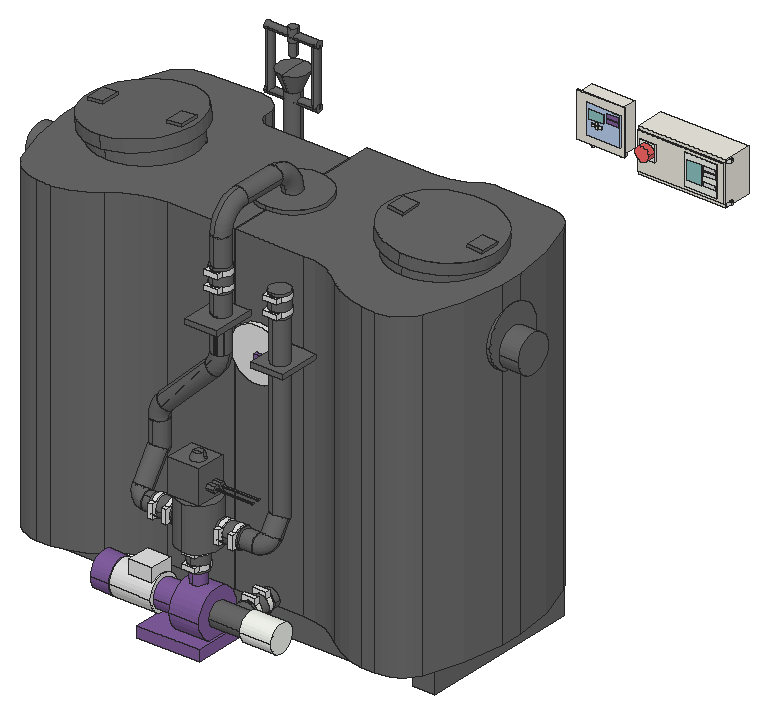
Revit family "93007.02_pvs 0", category Generic Models, Revit 2021
Family settings
  Can host rebar = No
  Round Connector Dimension = Use Diameter
  Part Type = Normal
  Work Plane-Based = No
  Always vertical = Yes
  Cut with Voids When Loaded = No
  Shared = Yes
  Room Calculation Point = No
Parameters (values of type "93007.02_PVS")
  SUPPLIER = "KESSEL"
  SA810ID06 = "4026092065099"
  SA810ID03 = "93007.02/PVS"
  SA71009ID06 = 3000 W
  SA71009ID05 = 3600 W
  SA71009ID04 = 1
  SA700ID17 = 1255 mm
  SA700ID14 = "ohne Angabe"
  SA700ID13 = 70 mm
  SA700ID09 = 1678 mm
  SA700ID08 = 940 mm
  SA700ID07 = 1910 mm
  SA700ID06 = 700
  SA700ID05 = 7
  SA700ID04 = "Grease separator EasyClean free NS 7, Auto Mix & Pump, SonicControl"
  SA500ID03 = "Sludge trap, integrated"
  SA400ID03 = "PE (Polyethylen)"
  SA250ID03 = "temperierte Umhausung"
  SA200ID03 = "free-standing set-up"
  SA100ID04 = "Abscheideranlage für Fette (Schlammfang und Fettabscheider)"
  PROCUREWEBLINK = "https://p.caden.as/kessel/93007.02%2FPVS"
  PROCURELINK = "p.caden.as/kessel/93007.02%2FPVS"
  PROCUREDATALASTUPDATE = "2024-05-22T12:17:54.085291152+01:00"
  PRC_SPECIFICATIONLINK = "https://ausschreiben.de/catalog/kessel/catalogItem/8548ff3d-fa25-442b-86f9-09fef18a81e7"
  NN = "EasyClean, Auto Mix & Pump grease separator"
  NBSYN = "$SA810ID03. $LODLEVEL."
  NB = "93007.02/PVS 0"
  Model = "93007.02/PVS"
  Manufacturer = "KESSEL"
  MIdent = "{$CADENAS_DATA/23d-libs/kessel/kessel_vdi_import/40/abscheideranlage20fuer20fette/easyclean_free_auto_mix_pump.prj},230 {STYP=ASS},{VTYP=3D},{NB=93007.02/PVS 0},{LINA=93007.02/PVS},{NN=EasyClean, Auto Mix & Pump grease separator},{DATE=20.12.2022 10:10:54},{GEOMDATE=17.11.2022 09:57:06},{VERSION=},{LINEID=80},{WBVAR=LODLEVEL},{WBNUMERIC=LODLEVEL}  {NB=93007.02/PVS 0},{LINA=93007.02/PVS},{KT=DUMMY},{PREVIEW=../../bilder/ksb_w_9300702pvs.png},{SA700ID04=Fettabscheider EasyClean free NS 7, Auto Mix & Pump, SonicControl},{SA810ID06=4026092065099},{SA010ID04=KESSEL AG},{SA810ID03=93007.02/PVS},{SA100ID04=Abscheideranlage für Fette (Schlammfang und Fettabscheider)},{SA200ID03=Freiaufstellung},{SA400ID03=PE (Polyethylen)},{SA500ID03=Schlammfang integriert},{SA700ID05=7.00},{SA700ID06=700},{SA71009ID04=1},{SA71009ID05=3.60},{SA71009ID06=3.00},{SA250ID03=temperierte Umhausung},{SA700ID07=1910},{SA700ID09=1678},{SA700ID13=70},{SA700ID17=1255},{SA700ID08=940},{SA810ID10=\\\"Der Abscheider für fetthaltiges Abwasser ist für die freie Aufstellung in frostgeschützten Räumen geeignet und verzichtet auf metallische Bauteile im Behälter. Der Sammelbehälter aus dauerhaft beständigem Kunststoff (PE) ist mit einem integrierten Schlammfang ausgestattet und besitzt ein konisch zulaufendes Bodenteil für eine schnelle und saubere Entsorgung. Zwei geruchsdichte Deckel mit Schnellspannverschlüssen ermöglichen einen einfachen Zugang für Reinigungs- und Wartungsarbeiten.Das innovative Schredder-Mix-System mit integriertem Zerhacker übernimmt die Homogenisierung und Umwälzung des Behälterinhaltes. Die Reinigung und geruchsneutrale Entsorgung erfolgt dabei über eine außenliegende Pumpe mit 2-Wege-Ventil und Stellmotor, die mit einem Absperrschieber vom Behälter getrennt werden kann.Der vollautomatische Programmablauf wird durch ein anwenderfreundliches Schaltgerät mit mehrzeiliger Displayanzeige gesteuert, das über einen potentialfreien Kontakt in die Gebäudeleittechnik eingebunden werden kann. Über eine optional erhältliche Fernbedienung kann die Reinigung und Entsorgung von einer entfernten Stelle aus gestartet werden.Durch das individualisierbare Reinigungsprogramm mit Schnellwahlfunktion kann die Reinigung bedarfsgerecht an die örtlichen Gegebenheiten angepasst werden. Nach der Entsorgung sind nur noch max. 3 Liter Schlammrestvolumen im Behälter vorhanden. Mithilfe einer vollautomatisierten Spülung der Trinkwasserleitungen kann die Einhaltung der Trinkwasser-Hygiene-Verordnung gewährleistet werden.Gewährleistung auf den Werkstoff PE 20 Jahre.Ausführung:Absperreinrichtung: jaEntsorgungsart: automatisches Entsorgungs- und ReinigungssystemEntsorgungseinrichtung: EntsorgungspumpeEntsorgungsvariante: Auto Mix & PumpFülleinrichtung nach DIN 1988: jaNenngröße (NS): 7Schauglas: jaSchredder-Mix-System: jaSonicControl: jaWasserversorgung: 2 Magnetventile 1\\\"\\\"Tragfähigkeit (DIN 19901): F3Lieferumfang: Storz-B-Kupplung R 2 1/2 \\\"\\\" für SaugwagenanschlussEinbausituation: freie AufstellungAllgemeine Merkmale:Material: PENorm: EN 1825: 2004, DIN 4040-100Abmessungen:Aufstellfläche Länge: 2.147 mmAufstellfläche Breite: 1.108 mmAufstellfläche Höhe: 1.892 mmEinbringmaß Länge: 1.910 mmEinbringmaß Breite: 940 mmEinbringmaß Höhe: 1.678 mmBehälter/Grundkörper:Zulauf Nennweite (DN): 150 mmZulauf Nennweite (DA): 160 mmAuslauf Nennweite (DN): 150Auslauf Nennweite (DA): 160Abstand Rohrsohle Zulauf zu Behälterboden: 1.255 mmAbstand Rohrsohle Auslauf zu Behälterboden: 1.185 mmAnschluss Zu-/Auslaufstutzen: PE-HD-Rohre nach DIN 19537, HT-Rohre nach DIN 19560, PP oder ASDruckabgang (DA): 75 mmDruckabgang (DN): 65 mmNenndruck (PN): 10Abdeckungsmerkmale:Abdeckungsart: DeckelAbdeckung Material: KunststoffAbdeckung Farbe: violettDichtheit: geruchsdichtVerriegelung: SchnellspannverschlussAbwasserinhalt:Abscheiderinhalt: 650 lGesamtvolumen: 1.350 lSchlammfanginhalt: 700 lSpeichermenge an Fett: 280 lFördereinrichtung:Pumpe: SPF 300 KE 2.0Anzahl Pumpen: 1Förderhöhe max.: 17 mFörderleistung max.: 60 m3/hBetriebsspannung: 400 VNetzfrequenz: 50 HzBetriebsart: S2 - 30 Min.Leistung P1: 3,6 kWLeistung P2: 3 kWDrehzahl: 2.850 U/minErforderliche Absicherung (Leitungsschutz): Absicherung über Schaltgerät 400 VFörderguttemperatur (dauerhaft) max.: 40 °CAnschlusstyp: DirektanschlussGewicht: 44 kgLaufrad Typ: Radiallaufrad mit ZerhackerLänge Netzanschlussleitung Pumpe: 5 mNennstrom: 6,2 ASchutzart Pumpe: IP 55Schutzklasse: ITyp Anschlussleitung Pumpe: H07RN-F 7G 1,5 mm2Temperaturüberwachung: integriertSteuerung:Schaltgerät: jaBetriebsspannung: 400 VNetzfrequenz: 50 HzSelbstdiagnosesystem (SDS): jaBatteriepufferung: neinMehrzeilige Displayanzeige: jaLogbuchfunktion: jaUSB-Schnittstelle: jaGSM-Schnittstelle: neinPotentialfreier Kontakt: jaErforderliche Absicherung (Leitungsschutz): C 16 AErforderliche Absicherung (RCD): 30 mAMotorschutz Schalter: jaSchutzart Schaltgerät: IP 54\\\"},{SA700ID14=ohne Angabe},{LODLEVEL=0},{CATEGORY3AA=EasyClean free Auto Mix & Pump},{CATEGORY3AB=},{CATEGORY3AC=},{CATEGORY3AD=},{CATEGORY3AE=},{CATEGORY3AF=},{BEZEICHNUNG=},{BREITE=0.0},{TIEFE=MIN},{HOEHE=MIN},{MASSE=MIN},{LOD_=0,'Low'},{LOD_DEU=0,'Low'},{LOD_3DB=93007.02/PVS_0},{DNIN1=150},{DNIN2=10},{DNIN3=10},{DNIN4=10},{DNIN5=10},{DNIN6=10},{DNIN7=MIN},{DNOUT1=150},{DNOUT2=50},{ISD=80},{ISD2=10},{SA960ID03=87},{SA960ID04=3L},{SA960ID08=http://www.kessel.de/info?han=93007.02/PVS},{SA010ID01=010},{SA010ID02=40},{SA010ID06=www.kessel.de},{SA010ID08=4026092000007},{SA100ID01=100},{SA100ID02=1},{SA740ID01=740},{SA200ID01=200},{SA200ID02=1},{SA250ID01=250},{SA250ID02=1},{SA400ID01=400},{SA400ID02=1},{SA500ID01=500},{SA500ID02=1},{SA700ID01=700},{SA700ID02=87},{SA700ID14_=0},{SA71009ID01=710.09},{SA71009ID02=1},{SA71009ID03=SPF 300 KE 2.0},{SA71009ID07=IP55},{SA71009ID08=1},{SA71009ID09=1},{SA71009ID10=60},{SA71009ID11=17},{SA810ID01=810},{SA810ID02=87},{SA810ID04=93007.02/PVS},{SA810ID07=87},{SA810ID14=PCE},{LINK=http://www.kessel.de/info?han=93007.02/PVS},{LINK_=http://www.kessel.de/info?han=93007.02/PVS},{LINK_DEU=http://www.kessel.de/info?han=93007.02/PVS}"
  LINK = "http://www.kessel.de/info?han=93007.02/PVS"
  LINA = "93007.02/PVS"
  Default Elevation = 0 mm
  CREATOR = "CADENAS GmbH"
  CATALOG = "KESSEL"
  BOMINFO = "LINA"
  ARTICLENO = "NB"
Reference planes
  plane 1 "Center (Front/Back)": y = 0
  plane 2: z = 0
  plane 3 "Center (Left/Right)": x = 0
Forms (mm)
  Extrusion 1, void
    sketch origin (-212, -514.5, 248.5) x (0, -1, 0) y (-1, 0, 0)
      loop
        line (-0.5, 0.5) -> (-0.5, -0.5) -> (0.5, -0.5) -> (0.5, 0.5) -> (-0.5, 0.5)
    from 0 to 1
Dimensions and locks
  locked: plane 2 to Extrusion 1 at 247.5
  locked: plane 2 to Extrusion 1 at 248.5
  aligned and locked: level to plane 2
Nested families
  nested 1: "93007.02_pvs 0_content" at (0, 0, 0), type "93007.02_PVS 0_Content"
  nested 2: "93007.02_pvs 0_part1_X0Y0" at (1000, 1000, 1500), type "93007.02_PVS_PART1_X0Y0"
  nested 3: "93007.02_pvs 0_part2_X0Y0" at (600, 1000, 1500), type "93007.02_PVS_PART2_X0Y0"
  nested 4: "93007.02_pvs 0_part3_X0Y0" at (0, 0, 0), type "93007.02_PVS_PART3_X0Y0"
Connectors
  electrical at (859.25, 933.5, 1478)
    settings: on nested 2, index 1, voltage 230 V, apparent load 0 VA, apparent load phase1 0 VA, apparent load phase2 0 VA, apparent load phase3 0 VA, power factor 1, load classification "Other", number of poles 3, system type 31, power factor state 1, is connector primary yes, connector utility no, sub classification motor no, connector description ""
  electrical at (536, 972.5, 1469)
    settings: on nested 3, index 2, voltage 0 V, apparent load 0 VA, apparent load phase1 0 VA, apparent load phase2 0 VA, apparent load phase3 0 VA, power factor 1, load classification "Other", number of poles 1, system type 31, power factor state 1, is connector primary no, connector utility no, sub classification motor no, connector description ""
  piping at (-1103.29, 0, 1336), diameter 150
    settings: on nested 4, index 3, connector inside diameter 609.6 mm, connector length 0 mm, flow factor 0, pipe flow 0.0 L/s, pressure drop 0.0 Pa, fitting loss kfactor 0, connector angle 0.00°, fixture units 0, engagement length 0 mm, angle of deflection 0.00°, flow configuration 0, flow direction 1, fitting loss method 2, system type 8, joint type 0, gender type 0, connector reference index -1, connector utility 0, adjustable connector no, is connector primary yes, connector description ""
  piping at (-306, 386, 1897.9), diameter 10
    settings: on nested 4, index 4, connector inside diameter 609.6 mm, connector length 0 mm, flow factor 0, pipe flow 0.0 L/s, pressure drop 0.0 Pa, fitting loss kfactor 0, connector angle 0.00°, fixture units 0, engagement length 0 mm, angle of deflection 0.00°, flow configuration 0, flow direction 1, fitting loss method 2, system type 8, joint type 0, gender type 0, connector reference index -1, connector utility 0, adjustable connector no, is connector primary no, connector description ""
  piping at (1050.38, 0, 1265), diameter 150
    settings: on nested 4, index 5, connector inside diameter 609.6 mm, connector length 0 mm, flow factor 0, pipe flow 0.0 L/s, pressure drop 0.0 Pa, fitting loss kfactor 0, connector angle 0.00°, fixture units 0, engagement length 0 mm, angle of deflection 0.00°, flow configuration 0, flow direction 2, fitting loss method 2, system type 7, joint type 0, gender type 0, connector reference index -1, connector utility 0, adjustable connector no, is connector primary no, connector description ""
  piping at (290, -432.5, 1442), diameter 50
    settings: on nested 4, index 6, connector inside diameter 609.6 mm, connector length 0 mm, flow factor 0, pipe flow 0.0 L/s, pressure drop 0.0 Pa, fitting loss kfactor 0, connector angle 0.00°, fixture units 0, engagement length 0 mm, angle of deflection 0.00°, flow configuration 0, flow direction 2, fitting loss method 2, system type 7, joint type 0, gender type 0, connector reference index -1, connector utility 0, adjustable connector no, is connector primary no, connector description ""
  electrical at (-212, -514.5, 248.5)
    settings: on Extrusion 1, index 7, voltage 0 V, apparent load 0 VA, apparent load phase1 0 VA, apparent load phase2 0 VA, apparent load phase3 0 VA, power factor 1, load classification "Other", number of poles 1, system type 31, power factor state 1, is connector primary no, connector utility no, sub classification motor no, connector description ""
Definition of nested family "93007.02_pvs 0_part1_X0Y0"
  Parameters (values of type "93007.02_PVS_PART1_X0Y0")
    SUPPLIER = "KESSEL"
    SA810ID06 = "4026092065099"
    SA810ID03 = "93007.02/PVS"
    SA71009ID06 = 3000 W
    SA71009ID05 = 3600 W
    SA71009ID04 = 1
    SA700ID17 = 1255 mm
    SA700ID14 = "ohne Angabe"
    SA700ID13 = 70 mm
    SA700ID09 = 1678 mm
    SA700ID08 = 940 mm
    SA700ID07 = 1910 mm
    SA700ID06 = 700
    SA700ID05 = 7
    SA700ID04 = "Grease separator EasyClean free NS 7, Auto Mix & Pump, SonicControl"
    SA500ID03 = "Sludge trap, integrated"
    SA400ID03 = "PE (Polyethylen)"
    SA250ID03 = "temperierte Umhausung"
    SA200ID03 = "free-standing set-up"
    SA100ID04 = "Abscheideranlage für Fette (Schlammfang und Fettabscheider)"
    NBSYN = "$SA810ID03. $LODLEVEL._PART1"
    NB = "93007.02/PVS 0_PART1"
    Model = "93007.02/PVS_PART1"
    Manufacturer = "KESSEL"
    MIdent = "{$CADENAS_DATA/23d-libs/kessel/kessel_vdi_import/40/abscheideranlage20fuer20fette/easyclean_free_auto_mix_pump.prj},250 {VTYP=3D},{NB=93007.02/PVS 0_PART1},{LINA=93007.02/PVS_PART1},{NN=EasyClean, Auto Mix & Pump grease separator_PART1},{NOPRJ=TRUE},{DATE=20.12.2022 10:10:54},{GEOMDATE=17.11.2022 09:57:06},{VERSION=},{LINEID=80},{WBVAR=LODLEVEL},{WBNUMERIC=LODLEVEL}  {NB=93007.02/PVS 0_PART1},{LINA=93007.02/PVS_PART1},{KT=DUMMY},{PREVIEW=../../bilder/ksb_w_9300702pvs.png},{SA700ID04=Fettabscheider EasyClean free NS 7, Auto Mix & Pump, SonicControl},{SA810ID06=4026092065099},{SA010ID04=KESSEL AG},{SA810ID03=93007.02/PVS},{SA100ID04=Abscheideranlage für Fette (Schlammfang und Fettabscheider)},{SA200ID03=Freiaufstellung},{SA400ID03=PE (Polyethylen)},{SA500ID03=Schlammfang integriert},{SA700ID05=7.00},{SA700ID06=700},{SA71009ID04=1},{SA71009ID05=3.60},{SA71009ID06=3.00},{SA250ID03=temperierte Umhausung},{SA700ID07=1910},{SA700ID09=1678},{SA700ID13=70},{SA700ID17=1255},{SA700ID08=940},{SA810ID10=\\\"Der Abscheider für fetthaltiges Abwasser ist für die freie Aufstellung in frostgeschützten Räumen geeignet und verzichtet auf metallische Bauteile im Behälter. Der Sammelbehälter aus dauerhaft beständigem Kunststoff (PE) ist mit einem integrierten Schlammfang ausgestattet und besitzt ein konisch zulaufendes Bodenteil für eine schnelle und saubere Entsorgung. Zwei geruchsdichte Deckel mit Schnellspannverschlüssen ermöglichen einen einfachen Zugang für Reinigungs- und Wartungsarbeiten.Das innovative Schredder-Mix-System mit integriertem Zerhacker übernimmt die Homogenisierung und Umwälzung des Behälterinhaltes. Die Reinigung und geruchsneutrale Entsorgung erfolgt dabei über eine außenliegende Pumpe mit 2-Wege-Ventil und Stellmotor, die mit einem Absperrschieber vom Behälter getrennt werden kann.Der vollautomatische Programmablauf wird durch ein anwenderfreundliches Schaltgerät mit mehrzeiliger Displayanzeige gesteuert, das über einen potentialfreien Kontakt in die Gebäudeleittechnik eingebunden werden kann. Über eine optional erhältliche Fernbedienung kann die Reinigung und Entsorgung von einer entfernten Stelle aus gestartet werden.Durch das individualisierbare Reinigungsprogramm mit Schnellwahlfunktion kann die Reinigung bedarfsgerecht an die örtlichen Gegebenheiten angepasst werden. Nach der Entsorgung sind nur noch max. 3 Liter Schlammrestvolumen im Behälter vorhanden. Mithilfe einer vollautomatisierten Spülung der Trinkwasserleitungen kann die Einhaltung der Trinkwasser-Hygiene-Verordnung gewährleistet werden.Gewährleistung auf den Werkstoff PE 20 Jahre.Ausführung:Absperreinrichtung: jaEntsorgungsart: automatisches Entsorgungs- und ReinigungssystemEntsorgungseinrichtung: EntsorgungspumpeEntsorgungsvariante: Auto Mix & PumpFülleinrichtung nach DIN 1988: jaNenngröße (NS): 7Schauglas: jaSchredder-Mix-System: jaSonicControl: jaWasserversorgung: 2 Magnetventile 1\\\"\\\"Tragfähigkeit (DIN 19901): F3Lieferumfang: Storz-B-Kupplung R 2 1/2 \\\"\\\" für SaugwagenanschlussEinbausituation: freie AufstellungAllgemeine Merkmale:Material: PENorm: EN 1825: 2004, DIN 4040-100Abmessungen:Aufstellfläche Länge: 2.147 mmAufstellfläche Breite: 1.108 mmAufstellfläche Höhe: 1.892 mmEinbringmaß Länge: 1.910 mmEinbringmaß Breite: 940 mmEinbringmaß Höhe: 1.678 mmBehälter/Grundkörper:Zulauf Nennweite (DN): 150 mmZulauf Nennweite (DA): 160 mmAuslauf Nennweite (DN): 150Auslauf Nennweite (DA): 160Abstand Rohrsohle Zulauf zu Behälterboden: 1.255 mmAbstand Rohrsohle Auslauf zu Behälterboden: 1.185 mmAnschluss Zu-/Auslaufstutzen: PE-HD-Rohre nach DIN 19537, HT-Rohre nach DIN 19560, PP oder ASDruckabgang (DA): 75 mmDruckabgang (DN): 65 mmNenndruck (PN): 10Abdeckungsmerkmale:Abdeckungsart: DeckelAbdeckung Material: KunststoffAbdeckung Farbe: violettDichtheit: geruchsdichtVerriegelung: SchnellspannverschlussAbwasserinhalt:Abscheiderinhalt: 650 lGesamtvolumen: 1.350 lSchlammfanginhalt: 700 lSpeichermenge an Fett: 280 lFördereinrichtung:Pumpe: SPF 300 KE 2.0Anzahl Pumpen: 1Förderhöhe max.: 17 mFörderleistung max.: 60 m3/hBetriebsspannung: 400 VNetzfrequenz: 50 HzBetriebsart: S2 - 30 Min.Leistung P1: 3,6 kWLeistung P2: 3 kWDrehzahl: 2.850 U/minErforderliche Absicherung (Leitungsschutz): Absicherung über Schaltgerät 400 VFörderguttemperatur (dauerhaft) max.: 40 °CAnschlusstyp: DirektanschlussGewicht: 44 kgLaufrad Typ: Radiallaufrad mit ZerhackerLänge Netzanschlussleitung Pumpe: 5 mNennstrom: 6,2 ASchutzart Pumpe: IP 55Schutzklasse: ITyp Anschlussleitung Pumpe: H07RN-F 7G 1,5 mm2Temperaturüberwachung: integriertSteuerung:Schaltgerät: jaBetriebsspannung: 400 VNetzfrequenz: 50 HzSelbstdiagnosesystem (SDS): jaBatteriepufferung: neinMehrzeilige Displayanzeige: jaLogbuchfunktion: jaUSB-Schnittstelle: jaGSM-Schnittstelle: neinPotentialfreier Kontakt: jaErforderliche Absicherung (Leitungsschutz): C 16 AErforderliche Absicherung (RCD): 30 mAMotorschutz Schalter: jaSchutzart Schaltgerät: IP 54\\\"},{SA700ID14=ohne Angabe},{LODLEVEL=0},{CATEGORY3AA=EasyClean free Auto Mix & Pump},{CATEGORY3AB=},{CATEGORY3AC=},{CATEGORY3AD=},{CATEGORY3AE=},{CATEGORY3AF=},{BEZEICHNUNG=},{BREITE=0.0},{TIEFE=MIN},{HOEHE=MIN},{MASSE=MIN},{LOD_=0,'Low'},{LOD_DEU=0,'Low'},{LOD_3DB=93007.02/PVS_0},{DNIN1=150},{DNIN2=10},{DNIN3=10},{DNIN4=10},{DNIN5=10},{DNIN6=10},{DNIN7=MIN},{DNOUT1=150},{DNOUT2=50},{ISD=80},{ISD2=10},{SA960ID03=87},{SA960ID04=3L},{SA960ID08=http://www.kessel.de/info?han=93007.02/PVS},{SA010ID01=010},{SA010ID02=40},{SA010ID06=www.kessel.de},{SA010ID08=4026092000007},{SA100ID01=100},{SA100ID02=1},{SA740ID01=740},{SA200ID01=200},{SA200ID02=1},{SA250ID01=250},{SA250ID02=1},{SA400ID01=400},{SA400ID02=1},{SA500ID01=500},{SA500ID02=1},{SA700ID01=700},{SA700ID02=87},{SA700ID14_=0},{SA71009ID01=710.09},{SA71009ID02=1},{SA71009ID03=SPF 300 KE 2.0},{SA71009ID07=IP55},{SA71009ID08=1},{SA71009ID09=1},{SA71009ID10=60},{SA71009ID11=17},{SA810ID01=810},{SA810ID02=87},{SA810ID04=93007.02/PVS},{SA810ID07=87},{SA810ID14=PCE},{LINK=http://www.kessel.de/info?han=93007.02/PVS},{LINK_=http://www.kessel.de/info?han=93007.02/PVS},{LINK_DEU=http://www.kessel.de/info?han=93007.02/PVS}"
    LINK = "http://www.kessel.de/info?han=93007.02/PVS"
    LINA = "93007.02/PVS_PART1"
    Default Elevation = 1219.2 mm
    CREATOR = "CADENAS GmbH"
    CATALOG = "KESSEL"
    BOMINFO = "LINA"
    ARTICLENO = "NB"
  Reference planes
    plane 1 "Center (Front/Back)": y = 0
    plane 2: z = 0
    plane 3 "Center (Left/Right)": x = 0
  Dimensions and locks
    aligned and locked: level to plane 2
  Nested families
    nested 1: "93007.02_pvs 0_part1_content" at (0, 0, 0), type "93007.02_PVS 0_PART1_Content"
  Definition of nested family "93007.02_pvs 0_part1_content"
    Parameters (values of type "93007.02_PVS 0_PART1_Content")
      SUPPLIER = "KESSEL"
      SA810ID06 = "4026092065099"
      SA810ID03 = "93007.02/PVS"
      SA71009ID06 = 3000 W
      SA71009ID05 = 3600 W
      SA71009ID04 = 1
      SA700ID17 = 1255 mm
      SA700ID14 = "ohne Angabe"
      SA700ID13 = 70 mm
      SA700ID09 = 1678 mm
      SA700ID08 = 940 mm
      SA700ID07 = 1910 mm
      SA700ID06 = 700
      SA700ID05 = 7
      SA700ID04 = "Grease separator EasyClean free NS 7, Auto Mix & Pump, SonicControl"
      SA500ID03 = "Sludge trap, integrated"
      SA400ID03 = "PE (Polyethylen)"
      SA250ID03 = "temperierte Umhausung"
      SA200ID03 = "free-standing set-up"
      SA100ID04 = "Abscheideranlage für Fette (Schlammfang und Fettabscheider)"
      NBSYN = "$SA810ID03. $LODLEVEL._PART1"
      NB = "93007.02/PVS 0_PART1"
      Model = "93007.02/PVS_PART1"
      Manufacturer = "KESSEL"
      LINK = "http://www.kessel.de/info?han=93007.02/PVS"
      LINA = "93007.02/PVS_PART1"
      Default Elevation = 1219.2 mm
      CREATOR = "CADENAS GmbH"
      CATALOG = "KESSEL"
      BOMINFO = "LINA"
      ARTICLENO = "NB"
    Reference planes
      plane 1 "Center (Front/Back)": y = 0
      plane 2: z = 0
      plane 3 "Center (Left/Right)": x = 0
    Forms (mm)
      Extrusion 1, solid, detail levels medium+fine
        sketch origin (190.25, 0, 0) x (0, -1, 0) y (0, 0, 1)
          loop
            line (0, 188) -> (0, 0) -> (122.5, 0) -> (122.5, 188) -> (0, 188)
        from 0 to 380.5
      Extrusion 2, solid, detail levels medium+fine
        sketch origin (186.25, -122.5, 14) x (0, -1, 0) y (0, 0, 1)
          loop
            line (0, 160) -> (0, 0) -> (5, 0) -> (5, 160) -> (0, 160)
        from 0 to 376.5
      Extrusion 3, solid, detail levels medium+fine
        sketch origin (156.25, -127.5, 24.5) x (0, -1, 0) y (0, 0, 1)
          loop
            line (-1.4, 0) -> (0.2, 0) -> (0.2, 135) -> (-1.4, 135) -> (-1.4, 0)
        from 0 to 140
      Extrusion 4, solid, detail levels medium+fine
        sketch origin (88.75, -127.7, 53.5) x (0, -1, 0) y (0, 0, 1)
          loop
            line (-1.5, 79) -> (-1.5, 0) -> (0.1, 0) -> (0.1, 79) -> (-1.5, 79)
        from 0 to 65
      Extrusion 5, solid, detail levels medium+fine
        sketch origin (148.75, -127.7, 95.5) x (0, -1, 0) y (0, 0, 1)
          loop
            line (-1.5, 16) -> (-1.5, 0) -> (0.1, 0) -> (0.1, 16) -> (-1.5, 16)
        from 0 to 51
      Extrusion 6, solid, detail levels medium+fine
        sketch origin (148.75, -127.7, 53.5) x (0, -1, 0) y (0, 0, 1)
          loop
            line (-1.5, 16) -> (-1.5, 0) -> (0.1, 0) -> (0.1, 16) -> (-1.5, 16)
        from 0 to 51
      Extrusion 7, solid, detail levels medium+fine
        sketch origin (148.75, -127.7, 116.5) x (0, -1, 0) y (0, 0, 1)
          loop
            line (-1.5, 16) -> (-1.5, 0) -> (0.1, 0) -> (0.1, 16) -> (-1.5, 16)
        from 0 to 51
      Extrusion 8, solid, detail levels medium+fine
        sketch origin (9.25, -66.5, 1.5) x (0.866025, 0.5, 0) y (0.5, -0.866025, 0)
          loop
            circle (0, 0) r 10
        from 0 to 2.5
      Extrusion 9, solid, detail levels medium+fine
        sketch origin (-20.75, -66.5, 1.5) x (0.866025, 0.5, 0) y (0.5, -0.866025, 0)
          loop
            circle (0, 0) r 10
        from 0 to 2.5
      Extrusion 10, solid, detail levels medium+fine
        sketch origin (39.25, -66.5, 1.5) x (0.866025, 0.5, 0) y (0.5, -0.866025, 0)
          loop
            circle (0, 0) r 10
        from 0 to 2.5
      Extrusion 11, solid, detail levels medium+fine
        sketch origin (-50.75, -66.5, 1.5) x (0.866025, 0.5, 0) y (0.5, -0.866025, 0)
          loop
            circle (0, 0) r 10
        from 0 to 2.5
      Extrusion 12, solid, detail levels medium+fine
        sketch origin (69.25, -66.5, 1.5) x (0.866025, 0.5, 0) y (0.5, -0.866025, 0)
          loop
            circle (0, 0) r 10
        from 0 to 2.5
      Extrusion 13, solid, detail levels medium+fine
        sketch origin (99.25, -66.5, 1.5) x (0.866025, 0.5, 0) y (0.5, -0.866025, 0)
          loop
            circle (0, 0) r 10
        from 0 to 2.5
      Extrusion 14, solid, detail levels medium+fine
        sketch origin (-95.75, -66.5, 0) x (0.866025, 0.5, 0) y (0.5, -0.866025, 0)
          loop
            line (0, 17.321) -> (-15, 8.66) -> (-15, -8.66) -> (0, -17.321) -> (15, -8.66) -> (15, 8.66) -> (0, 17.321)
        from 0 to 22
      Extrusion 15, solid, detail levels medium+fine
        sketch origin (-140.75, -66.5, 0) x (0.866025, 0.5, 0) y (0.5, -0.866025, 0)
          loop
            line (0, 17.321) -> (-15, 8.66) -> (-15, -8.66) -> (0, -17.321) -> (15, -8.66) -> (15, 8.66) -> (0, 17.321)
        from 0 to 22
      Extrusion 16, solid, detail levels medium+fine
        sketch origin (-110.25, -127.5, 76.5) x (0, -1, 0) y (0, 0, 1)
          loop
            line (0, 67) -> (0, 0) -> (7, 0) -> (7, 67) -> (0, 67)
        from 0 to 67
      Extrusion 17, solid, detail levels medium+fine
        sketch origin (-143.75, -134.5, 110) x (1, 0, 0) y (0, 0, 1)
          loop
            circle (0, 0) r 29.5
        from 0 to 29
      Extrusion 18, solid, detail levels medium+fine
        sketch origin (129.25, -66.5, 1.5) x (0.866025, 0.5, 0) y (0.5, -0.866025, 0)
          loop
            circle (0, 0) r 10
        from 0 to 2.5
      Extrusion 19, solid, detail levels medium+fine
        sketch origin (-179.25, 0, 177) x (-1, 0, 0) y (0, 0, 1)
          loop
            circle (0, 0) r 7.5
        from 0 to 2
      Extrusion 20, solid, detail levels medium+fine
        sketch origin (-179.25, 0, 11) x (-1, 0, 0) y (0, 0, 1)
          loop
            circle (0, 0) r 7.5
        from 0 to 2
      Extrusion 21, solid, detail levels medium+fine
        sketch origin (179.25, 0, 11) x (-1, 0, 0) y (0, 0, 1)
          loop
            circle (0, 0) r 7.5
        from 0 to 2
      Extrusion 22, solid, detail levels medium+fine
        sketch origin (179.25, 0, 177) x (-1, 0, 0) y (0, 0, 1)
          loop
            circle (0, 0) r 7.5
        from 0 to 2
      Extrusion 23, solid, detail levels medium+fine
        sketch origin (194.75, -100.5, 170) x (-1, 0, 0) y (0, -1, 0)
          loop
            circle (0, 0) r 5
        from 0 to 14
      Extrusion 24, solid, detail levels medium+fine
        sketch origin (190.25, -100.5, 170) x (0, -1, 0) y (1, 0, 0)
          loop
            line (0, 9.5) -> (0, 0) -> (20, 0) -> (0, 9.5)
        from 0 to 14
      Extrusion 25, solid, detail levels medium+fine
        sketch origin (194.75, -100.5, 4) x (-1, 0, 0) y (0, -1, 0)
          loop
            circle (0, 0) r 5
        from 0 to 14
      Extrusion 26, solid, detail levels medium+fine
        sketch origin (190.25, -100.5, 4) x (0, -1, 0) y (1, 0, 0)
          loop
            line (0, 9.5) -> (0, 0) -> (20, 0) -> (0, 9.5)
        from 0 to 14
      Extrusion 27, solid, detail levels coarse
        sketch origin (4.75, -80.75, -22) x (1, 0, 0) y (0, 1, 0)
          loop
            line (-195, -82.75) -> (195, -82.75) -> (195, 82.75) -> (-195, 82.75) -> (-195, -82.75)
        from 0 to 210
    Dimensions and locks
      aligned and locked: level to plane 2
Definition of nested family "93007.02_pvs 0_part2_X0Y0"
  Parameters (values of type "93007.02_PVS_PART2_X0Y0")
    SUPPLIER = "KESSEL"
    SA810ID06 = "4026092065099"
    SA810ID03 = "93007.02/PVS"
    SA71009ID06 = 3000 W
    SA71009ID05 = 3600 W
    SA71009ID04 = 1
    SA700ID17 = 1255 mm
    SA700ID14 = "ohne Angabe"
    SA700ID13 = 70 mm
    SA700ID09 = 1678 mm
    SA700ID08 = 940 mm
    SA700ID07 = 1910 mm
    SA700ID06 = 700
    SA700ID05 = 7
    SA700ID04 = "Grease separator EasyClean free NS 7, Auto Mix & Pump, SonicControl"
    SA500ID03 = "Sludge trap, integrated"
    SA400ID03 = "PE (Polyethylen)"
    SA250ID03 = "temperierte Umhausung"
    SA200ID03 = "free-standing set-up"
    SA100ID04 = "Abscheideranlage für Fette (Schlammfang und Fettabscheider)"
    NBSYN = "$SA810ID03. $LODLEVEL._PART2"
    NB = "93007.02/PVS 0_PART2"
    Model = "93007.02/PVS_PART2"
    Manufacturer = "KESSEL"
    MIdent = "{$CADENAS_DATA/23d-libs/kessel/kessel_vdi_import/40/abscheideranlage20fuer20fette/easyclean_free_auto_mix_pump.prj},250 {VTYP=3D},{NB=93007.02/PVS 0_PART2},{LINA=93007.02/PVS_PART2},{NN=EasyClean, Auto Mix & Pump grease separator_PART2},{NOPRJ=TRUE},{DATE=20.12.2022 10:10:54},{GEOMDATE=17.11.2022 09:57:06},{VERSION=},{LINEID=80},{WBVAR=LODLEVEL},{WBNUMERIC=LODLEVEL}  {NB=93007.02/PVS 0_PART2},{LINA=93007.02/PVS_PART2},{KT=DUMMY},{PREVIEW=../../bilder/ksb_w_9300702pvs.png},{SA700ID04=Fettabscheider EasyClean free NS 7, Auto Mix & Pump, SonicControl},{SA810ID06=4026092065099},{SA010ID04=KESSEL AG},{SA810ID03=93007.02/PVS},{SA100ID04=Abscheideranlage für Fette (Schlammfang und Fettabscheider)},{SA200ID03=Freiaufstellung},{SA400ID03=PE (Polyethylen)},{SA500ID03=Schlammfang integriert},{SA700ID05=7.00},{SA700ID06=700},{SA71009ID04=1},{SA71009ID05=3.60},{SA71009ID06=3.00},{SA250ID03=temperierte Umhausung},{SA700ID07=1910},{SA700ID09=1678},{SA700ID13=70},{SA700ID17=1255},{SA700ID08=940},{SA810ID10=\\\"Der Abscheider für fetthaltiges Abwasser ist für die freie Aufstellung in frostgeschützten Räumen geeignet und verzichtet auf metallische Bauteile im Behälter. Der Sammelbehälter aus dauerhaft beständigem Kunststoff (PE) ist mit einem integrierten Schlammfang ausgestattet und besitzt ein konisch zulaufendes Bodenteil für eine schnelle und saubere Entsorgung. Zwei geruchsdichte Deckel mit Schnellspannverschlüssen ermöglichen einen einfachen Zugang für Reinigungs- und Wartungsarbeiten.Das innovative Schredder-Mix-System mit integriertem Zerhacker übernimmt die Homogenisierung und Umwälzung des Behälterinhaltes. Die Reinigung und geruchsneutrale Entsorgung erfolgt dabei über eine außenliegende Pumpe mit 2-Wege-Ventil und Stellmotor, die mit einem Absperrschieber vom Behälter getrennt werden kann.Der vollautomatische Programmablauf wird durch ein anwenderfreundliches Schaltgerät mit mehrzeiliger Displayanzeige gesteuert, das über einen potentialfreien Kontakt in die Gebäudeleittechnik eingebunden werden kann. Über eine optional erhältliche Fernbedienung kann die Reinigung und Entsorgung von einer entfernten Stelle aus gestartet werden.Durch das individualisierbare Reinigungsprogramm mit Schnellwahlfunktion kann die Reinigung bedarfsgerecht an die örtlichen Gegebenheiten angepasst werden. Nach der Entsorgung sind nur noch max. 3 Liter Schlammrestvolumen im Behälter vorhanden. Mithilfe einer vollautomatisierten Spülung der Trinkwasserleitungen kann die Einhaltung der Trinkwasser-Hygiene-Verordnung gewährleistet werden.Gewährleistung auf den Werkstoff PE 20 Jahre.Ausführung:Absperreinrichtung: jaEntsorgungsart: automatisches Entsorgungs- und ReinigungssystemEntsorgungseinrichtung: EntsorgungspumpeEntsorgungsvariante: Auto Mix & PumpFülleinrichtung nach DIN 1988: jaNenngröße (NS): 7Schauglas: jaSchredder-Mix-System: jaSonicControl: jaWasserversorgung: 2 Magnetventile 1\\\"\\\"Tragfähigkeit (DIN 19901): F3Lieferumfang: Storz-B-Kupplung R 2 1/2 \\\"\\\" für SaugwagenanschlussEinbausituation: freie AufstellungAllgemeine Merkmale:Material: PENorm: EN 1825: 2004, DIN 4040-100Abmessungen:Aufstellfläche Länge: 2.147 mmAufstellfläche Breite: 1.108 mmAufstellfläche Höhe: 1.892 mmEinbringmaß Länge: 1.910 mmEinbringmaß Breite: 940 mmEinbringmaß Höhe: 1.678 mmBehälter/Grundkörper:Zulauf Nennweite (DN): 150 mmZulauf Nennweite (DA): 160 mmAuslauf Nennweite (DN): 150Auslauf Nennweite (DA): 160Abstand Rohrsohle Zulauf zu Behälterboden: 1.255 mmAbstand Rohrsohle Auslauf zu Behälterboden: 1.185 mmAnschluss Zu-/Auslaufstutzen: PE-HD-Rohre nach DIN 19537, HT-Rohre nach DIN 19560, PP oder ASDruckabgang (DA): 75 mmDruckabgang (DN): 65 mmNenndruck (PN): 10Abdeckungsmerkmale:Abdeckungsart: DeckelAbdeckung Material: KunststoffAbdeckung Farbe: violettDichtheit: geruchsdichtVerriegelung: SchnellspannverschlussAbwasserinhalt:Abscheiderinhalt: 650 lGesamtvolumen: 1.350 lSchlammfanginhalt: 700 lSpeichermenge an Fett: 280 lFördereinrichtung:Pumpe: SPF 300 KE 2.0Anzahl Pumpen: 1Förderhöhe max.: 17 mFörderleistung max.: 60 m3/hBetriebsspannung: 400 VNetzfrequenz: 50 HzBetriebsart: S2 - 30 Min.Leistung P1: 3,6 kWLeistung P2: 3 kWDrehzahl: 2.850 U/minErforderliche Absicherung (Leitungsschutz): Absicherung über Schaltgerät 400 VFörderguttemperatur (dauerhaft) max.: 40 °CAnschlusstyp: DirektanschlussGewicht: 44 kgLaufrad Typ: Radiallaufrad mit ZerhackerLänge Netzanschlussleitung Pumpe: 5 mNennstrom: 6,2 ASchutzart Pumpe: IP 55Schutzklasse: ITyp Anschlussleitung Pumpe: H07RN-F 7G 1,5 mm2Temperaturüberwachung: integriertSteuerung:Schaltgerät: jaBetriebsspannung: 400 VNetzfrequenz: 50 HzSelbstdiagnosesystem (SDS): jaBatteriepufferung: neinMehrzeilige Displayanzeige: jaLogbuchfunktion: jaUSB-Schnittstelle: jaGSM-Schnittstelle: neinPotentialfreier Kontakt: jaErforderliche Absicherung (Leitungsschutz): C 16 AErforderliche Absicherung (RCD): 30 mAMotorschutz Schalter: jaSchutzart Schaltgerät: IP 54\\\"},{SA700ID14=ohne Angabe},{LODLEVEL=0},{CATEGORY3AA=EasyClean free Auto Mix & Pump},{CATEGORY3AB=},{CATEGORY3AC=},{CATEGORY3AD=},{CATEGORY3AE=},{CATEGORY3AF=},{BEZEICHNUNG=},{BREITE=0.0},{TIEFE=MIN},{HOEHE=MIN},{MASSE=MIN},{LOD_=0,'Low'},{LOD_DEU=0,'Low'},{LOD_3DB=93007.02/PVS_0},{DNIN1=150},{DNIN2=10},{DNIN3=10},{DNIN4=10},{DNIN5=10},{DNIN6=10},{DNIN7=MIN},{DNOUT1=150},{DNOUT2=50},{ISD=80},{ISD2=10},{SA960ID03=87},{SA960ID04=3L},{SA960ID08=http://www.kessel.de/info?han=93007.02/PVS},{SA010ID01=010},{SA010ID02=40},{SA010ID06=www.kessel.de},{SA010ID08=4026092000007},{SA100ID01=100},{SA100ID02=1},{SA740ID01=740},{SA200ID01=200},{SA200ID02=1},{SA250ID01=250},{SA250ID02=1},{SA400ID01=400},{SA400ID02=1},{SA500ID01=500},{SA500ID02=1},{SA700ID01=700},{SA700ID02=87},{SA700ID14_=0},{SA71009ID01=710.09},{SA71009ID02=1},{SA71009ID03=SPF 300 KE 2.0},{SA71009ID07=IP55},{SA71009ID08=1},{SA71009ID09=1},{SA71009ID10=60},{SA71009ID11=17},{SA810ID01=810},{SA810ID02=87},{SA810ID04=93007.02/PVS},{SA810ID07=87},{SA810ID14=PCE},{LINK=http://www.kessel.de/info?han=93007.02/PVS},{LINK_=http://www.kessel.de/info?han=93007.02/PVS},{LINK_DEU=http://www.kessel.de/info?han=93007.02/PVS}"
    LINK = "http://www.kessel.de/info?han=93007.02/PVS"
    LINA = "93007.02/PVS_PART2"
    Default Elevation = 1219.2 mm
    CREATOR = "CADENAS GmbH"
    CATALOG = "KESSEL"
    BOMINFO = "LINA"
    ARTICLENO = "NB"
  Reference planes
    plane 1 "Center (Front/Back)": y = 0
    plane 2: z = 0
    plane 3 "Center (Left/Right)": x = 0
  Dimensions and locks
    aligned and locked: level to plane 2
  Nested families
    nested 1: "93007.02_pvs 0_part2_content" at (0, 0, 0), type "93007.02_PVS 0_PART2_Content"
  Definition of nested family "93007.02_pvs 0_part2_content"
    Parameters (values of type "93007.02_PVS 0_PART2_Content")
      SUPPLIER = "KESSEL"
      SA810ID06 = "4026092065099"
      SA810ID03 = "93007.02/PVS"
      SA71009ID06 = 3000 W
      SA71009ID05 = 3600 W
      SA71009ID04 = 1
      SA700ID17 = 1255 mm
      SA700ID14 = "ohne Angabe"
      SA700ID13 = 70 mm
      SA700ID09 = 1678 mm
      SA700ID08 = 940 mm
      SA700ID07 = 1910 mm
      SA700ID06 = 700
      SA700ID05 = 7
      SA700ID04 = "Grease separator EasyClean free NS 7, Auto Mix & Pump, SonicControl"
      SA500ID03 = "Sludge trap, integrated"
      SA400ID03 = "PE (Polyethylen)"
      SA250ID03 = "temperierte Umhausung"
      SA200ID03 = "free-standing set-up"
      SA100ID04 = "Abscheideranlage für Fette (Schlammfang und Fettabscheider)"
      NBSYN = "$SA810ID03. $LODLEVEL._PART2"
      NB = "93007.02/PVS 0_PART2"
      Model = "93007.02/PVS_PART2"
      Manufacturer = "KESSEL"
      LINK = "http://www.kessel.de/info?han=93007.02/PVS"
      LINA = "93007.02/PVS_PART2"
      Default Elevation = 1219.2 mm
      CREATOR = "CADENAS GmbH"
      CATALOG = "KESSEL"
      BOMINFO = "LINA"
      ARTICLENO = "NB"
    Reference planes
      plane 1 "Center (Front/Back)": y = 0
      plane 2: z = 0
      plane 3 "Center (Left/Right)": x = 0
    Forms (mm)
      Extrusion 1, solid, detail levels medium+fine
        sketch origin (94, 0, 5) x (0, -1, 0) y (0, 0, 1)
          loop
            line (0, 184) -> (0, 0) -> (64.5, 0) -> (64.5, 184) -> (0, 184)
        from 0 to 188
      Extrusion 2, solid, detail levels medium+fine
        sketch origin (104, -64.5, 0) x (0, -1, 0) y (0, 0, 1)
          loop
            line (0, 194) -> (0, 0) -> (3.5, 0) -> (3.5, 194) -> (0, 194)
        from 0 to 208
      Extrusion 3, solid, detail levels medium+fine
        sketch origin (86.3, -68, 33.2) x (0, -1, 0) y (0, 0, 1)
          loop
            line (-0.5, 127) -> (-0.5, 0) -> (1, 0) -> (1, 127) -> (-0.5, 127)
        from 0 to 146
      Extrusion 4, solid, detail levels medium+fine
        sketch origin (6.8, -69, 77.2) x (0, -1, 0) y (0, 0, 1)
          loop
            line (-0.5, 12) -> (-0.5, 0) -> (1, 0) -> (1, 12) -> (-0.5, 12)
        from 0 to 12
      Extrusion 5, solid, detail levels medium+fine
        sketch origin (-9.7, -69, 85.45) x (0, -1, 0) y (0, 0, 1)
          loop
            line (-0.5, 12) -> (-0.5, 0) -> (1, 0) -> (1, 12) -> (-0.5, 12)
        from 0 to 12
      Extrusion 6, solid, detail levels medium+fine
        sketch origin (-9.7, -69, 68.95) x (0, -1, 0) y (0, 0, 1)
          loop
            line (-0.5, 12) -> (-0.5, 0) -> (1, 0) -> (1, 12) -> (-0.5, 12)
        from 0 to 12
      Extrusion 7, solid, detail levels medium+fine
        sketch origin (13.3, -69, 100.45) x (0, -1, 0) y (0, 0, 1)
          loop
            line (-0.5, 37) -> (-0.5, 0) -> (1, 0) -> (1, 37) -> (-0.5, 37)
        from 0 to 65
      Extrusion 8, solid, detail levels medium+fine
        sketch origin (78.8, -69, 110.7) x (0, -1, 0) y (0, 0, 1)
          loop
            line (-0.5, 16) -> (-0.5, 0) -> (1, 0) -> (1, 16) -> (-0.5, 16)
        from 0 to 51
      Extrusion 9, solid, detail levels medium+fine
        sketch origin (-26.2, -69, 77.2) x (0, -1, 0) y (0, 0, 1)
          loop
            line (-0.5, 12) -> (-0.5, 0) -> (1, 0) -> (1, 12) -> (-0.5, 12)
        from 0 to 12
      Extrusion 10, solid, detail levels medium+fine
        sketch origin (78.75, -69, 130.75) x (0, -1, 0) y (0, 0, 1)
          loop
            line (-0.5, 16) -> (-0.5, 0) -> (1, 0) -> (1, 16) -> (-0.5, 16)
        from 0 to 51
      Extrusion 11, solid, detail levels medium+fine
        sketch origin (-64, -27.5, 5) x (1, 0, 0) y (0, -1, 0)
          loop
            circle (0, 0) r 12
        from 0 to 26
      Extrusion 12, solid, detail levels medium+fine
        sketch origin (-64, -27.5, -21) x (1, 0, 0) y (0, -1, 0)
          loop
            circle (0, 0) r 5
        from 0 to 10
      Extrusion 13, solid, detail levels medium+fine
        sketch origin (67, -27.5, 5) x (1, 0, 0) y (0, -1, 0)
          loop
            circle (0, 0) r 12
        from 0 to 26
      Extrusion 14, solid, detail levels coarse
        sketch origin (0, -35, -31) x (1, 0, 0) y (0, 1, 0)
          loop
            line (-104, -35) -> (104, -35) -> (104, 35) -> (-104, 35) -> (-104, -35)
        from 0 to 225
    Dimensions and locks
      aligned and locked: level to plane 2
Definition of nested family "93007.02_pvs 0_part3_X0Y0"
  Parameters (values of type "93007.02_PVS_PART3_X0Y0")
    SUPPLIER = "KESSEL"
    SA810ID06 = "4026092065099"
    SA810ID03 = "93007.02/PVS"
    SA71009ID06 = 3000 W
    SA71009ID05 = 3600 W
    SA71009ID04 = 1
    SA700ID17 = 1255 mm
    SA700ID14 = "ohne Angabe"
    SA700ID13 = 70 mm
    SA700ID09 = 1678 mm
    SA700ID08 = 940 mm
    SA700ID07 = 1910 mm
    SA700ID06 = 700
    SA700ID05 = 7
    SA700ID04 = "Grease separator EasyClean free NS 7, Auto Mix & Pump, SonicControl"
    SA500ID03 = "Sludge trap, integrated"
    SA400ID03 = "PE (Polyethylen)"
    SA250ID03 = "temperierte Umhausung"
    SA200ID03 = "free-standing set-up"
    SA100ID04 = "Abscheideranlage für Fette (Schlammfang und Fettabscheider)"
    NBSYN = "$SA810ID03. $LODLEVEL._PART3"
    NB = "93007.02/PVS 0_PART3"
    Model = "93007.02/PVS_PART3"
    Manufacturer = "KESSEL"
    MIdent = "{$CADENAS_DATA/23d-libs/kessel/kessel_vdi_import/40/abscheideranlage20fuer20fette/easyclean_free_auto_mix_pump.prj},250 {VTYP=3D},{NB=93007.02/PVS 0_PART3},{LINA=93007.02/PVS_PART3},{NN=EasyClean, Auto Mix & Pump grease separator_PART3},{NOPRJ=TRUE},{DATE=20.12.2022 10:10:54},{GEOMDATE=17.11.2022 09:57:06},{VERSION=},{LINEID=80},{WBVAR=LODLEVEL},{WBNUMERIC=LODLEVEL}  {NB=93007.02/PVS 0_PART3},{LINA=93007.02/PVS_PART3},{KT=DUMMY},{PREVIEW=../../bilder/ksb_w_9300702pvs.png},{SA700ID04=Fettabscheider EasyClean free NS 7, Auto Mix & Pump, SonicControl},{SA810ID06=4026092065099},{SA010ID04=KESSEL AG},{SA810ID03=93007.02/PVS},{SA100ID04=Abscheideranlage für Fette (Schlammfang und Fettabscheider)},{SA200ID03=Freiaufstellung},{SA400ID03=PE (Polyethylen)},{SA500ID03=Schlammfang integriert},{SA700ID05=7.00},{SA700ID06=700},{SA71009ID04=1},{SA71009ID05=3.60},{SA71009ID06=3.00},{SA250ID03=temperierte Umhausung},{SA700ID07=1910},{SA700ID09=1678},{SA700ID13=70},{SA700ID17=1255},{SA700ID08=940},{SA810ID10=\\\"Der Abscheider für fetthaltiges Abwasser ist für die freie Aufstellung in frostgeschützten Räumen geeignet und verzichtet auf metallische Bauteile im Behälter. Der Sammelbehälter aus dauerhaft beständigem Kunststoff (PE) ist mit einem integrierten Schlammfang ausgestattet und besitzt ein konisch zulaufendes Bodenteil für eine schnelle und saubere Entsorgung. Zwei geruchsdichte Deckel mit Schnellspannverschlüssen ermöglichen einen einfachen Zugang für Reinigungs- und Wartungsarbeiten.Das innovative Schredder-Mix-System mit integriertem Zerhacker übernimmt die Homogenisierung und Umwälzung des Behälterinhaltes. Die Reinigung und geruchsneutrale Entsorgung erfolgt dabei über eine außenliegende Pumpe mit 2-Wege-Ventil und Stellmotor, die mit einem Absperrschieber vom Behälter getrennt werden kann.Der vollautomatische Programmablauf wird durch ein anwenderfreundliches Schaltgerät mit mehrzeiliger Displayanzeige gesteuert, das über einen potentialfreien Kontakt in die Gebäudeleittechnik eingebunden werden kann. Über eine optional erhältliche Fernbedienung kann die Reinigung und Entsorgung von einer entfernten Stelle aus gestartet werden.Durch das individualisierbare Reinigungsprogramm mit Schnellwahlfunktion kann die Reinigung bedarfsgerecht an die örtlichen Gegebenheiten angepasst werden. Nach der Entsorgung sind nur noch max. 3 Liter Schlammrestvolumen im Behälter vorhanden. Mithilfe einer vollautomatisierten Spülung der Trinkwasserleitungen kann die Einhaltung der Trinkwasser-Hygiene-Verordnung gewährleistet werden.Gewährleistung auf den Werkstoff PE 20 Jahre.Ausführung:Absperreinrichtung: jaEntsorgungsart: automatisches Entsorgungs- und ReinigungssystemEntsorgungseinrichtung: EntsorgungspumpeEntsorgungsvariante: Auto Mix & PumpFülleinrichtung nach DIN 1988: jaNenngröße (NS): 7Schauglas: jaSchredder-Mix-System: jaSonicControl: jaWasserversorgung: 2 Magnetventile 1\\\"\\\"Tragfähigkeit (DIN 19901): F3Lieferumfang: Storz-B-Kupplung R 2 1/2 \\\"\\\" für SaugwagenanschlussEinbausituation: freie AufstellungAllgemeine Merkmale:Material: PENorm: EN 1825: 2004, DIN 4040-100Abmessungen:Aufstellfläche Länge: 2.147 mmAufstellfläche Breite: 1.108 mmAufstellfläche Höhe: 1.892 mmEinbringmaß Länge: 1.910 mmEinbringmaß Breite: 940 mmEinbringmaß Höhe: 1.678 mmBehälter/Grundkörper:Zulauf Nennweite (DN): 150 mmZulauf Nennweite (DA): 160 mmAuslauf Nennweite (DN): 150Auslauf Nennweite (DA): 160Abstand Rohrsohle Zulauf zu Behälterboden: 1.255 mmAbstand Rohrsohle Auslauf zu Behälterboden: 1.185 mmAnschluss Zu-/Auslaufstutzen: PE-HD-Rohre nach DIN 19537, HT-Rohre nach DIN 19560, PP oder ASDruckabgang (DA): 75 mmDruckabgang (DN): 65 mmNenndruck (PN): 10Abdeckungsmerkmale:Abdeckungsart: DeckelAbdeckung Material: KunststoffAbdeckung Farbe: violettDichtheit: geruchsdichtVerriegelung: SchnellspannverschlussAbwasserinhalt:Abscheiderinhalt: 650 lGesamtvolumen: 1.350 lSchlammfanginhalt: 700 lSpeichermenge an Fett: 280 lFördereinrichtung:Pumpe: SPF 300 KE 2.0Anzahl Pumpen: 1Förderhöhe max.: 17 mFörderleistung max.: 60 m3/hBetriebsspannung: 400 VNetzfrequenz: 50 HzBetriebsart: S2 - 30 Min.Leistung P1: 3,6 kWLeistung P2: 3 kWDrehzahl: 2.850 U/minErforderliche Absicherung (Leitungsschutz): Absicherung über Schaltgerät 400 VFörderguttemperatur (dauerhaft) max.: 40 °CAnschlusstyp: DirektanschlussGewicht: 44 kgLaufrad Typ: Radiallaufrad mit ZerhackerLänge Netzanschlussleitung Pumpe: 5 mNennstrom: 6,2 ASchutzart Pumpe: IP 55Schutzklasse: ITyp Anschlussleitung Pumpe: H07RN-F 7G 1,5 mm2Temperaturüberwachung: integriertSteuerung:Schaltgerät: jaBetriebsspannung: 400 VNetzfrequenz: 50 HzSelbstdiagnosesystem (SDS): jaBatteriepufferung: neinMehrzeilige Displayanzeige: jaLogbuchfunktion: jaUSB-Schnittstelle: jaGSM-Schnittstelle: neinPotentialfreier Kontakt: jaErforderliche Absicherung (Leitungsschutz): C 16 AErforderliche Absicherung (RCD): 30 mAMotorschutz Schalter: jaSchutzart Schaltgerät: IP 54\\\"},{SA700ID14=ohne Angabe},{LODLEVEL=0},{CATEGORY3AA=EasyClean free Auto Mix & Pump},{CATEGORY3AB=},{CATEGORY3AC=},{CATEGORY3AD=},{CATEGORY3AE=},{CATEGORY3AF=},{BEZEICHNUNG=},{BREITE=0.0},{TIEFE=MIN},{HOEHE=MIN},{MASSE=MIN},{LOD_=0,'Low'},{LOD_DEU=0,'Low'},{LOD_3DB=93007.02/PVS_0},{DNIN1=150},{DNIN2=10},{DNIN3=10},{DNIN4=10},{DNIN5=10},{DNIN6=10},{DNIN7=MIN},{DNOUT1=150},{DNOUT2=50},{ISD=80},{ISD2=10},{SA960ID03=87},{SA960ID04=3L},{SA960ID08=http://www.kessel.de/info?han=93007.02/PVS},{SA010ID01=010},{SA010ID02=40},{SA010ID06=www.kessel.de},{SA010ID08=4026092000007},{SA100ID01=100},{SA100ID02=1},{SA740ID01=740},{SA200ID01=200},{SA200ID02=1},{SA250ID01=250},{SA250ID02=1},{SA400ID01=400},{SA400ID02=1},{SA500ID01=500},{SA500ID02=1},{SA700ID01=700},{SA700ID02=87},{SA700ID14_=0},{SA71009ID01=710.09},{SA71009ID02=1},{SA71009ID03=SPF 300 KE 2.0},{SA71009ID07=IP55},{SA71009ID08=1},{SA71009ID09=1},{SA71009ID10=60},{SA71009ID11=17},{SA810ID01=810},{SA810ID02=87},{SA810ID04=93007.02/PVS},{SA810ID07=87},{SA810ID14=PCE},{LINK=http://www.kessel.de/info?han=93007.02/PVS},{LINK_=http://www.kessel.de/info?han=93007.02/PVS},{LINK_DEU=http://www.kessel.de/info?han=93007.02/PVS}"
    LINK = "http://www.kessel.de/info?han=93007.02/PVS"
    LINA = "93007.02/PVS_PART3"
    Default Elevation = 1219.2 mm
    CREATOR = "CADENAS GmbH"
    CATALOG = "KESSEL"
    BOMINFO = "LINA"
    ARTICLENO = "NB"
  Reference planes
    plane 1 "Center (Front/Back)": y = 0
    plane 2: z = 0
    plane 3 "Center (Left/Right)": x = 0
  Dimensions and locks
    aligned and locked: level to plane 2
  Nested families
    nested 1: "93007.02_pvs 0_part3_content" at (0, 0, 0), type "93007.02_PVS 0_PART3_Content"
  Definition of nested family "93007.02_pvs 0_part3_content"
    Parameters (values of type "93007.02_PVS 0_PART3_Content")
      SUPPLIER = "KESSEL"
      SA810ID06 = "4026092065099"
      SA810ID03 = "93007.02/PVS"
      SA71009ID06 = 3000 W
      SA71009ID05 = 3600 W
      SA71009ID04 = 1
      SA700ID17 = 1255 mm
      SA700ID14 = "ohne Angabe"
      SA700ID13 = 70 mm
      SA700ID09 = 1678 mm
      SA700ID08 = 940 mm
      SA700ID07 = 1910 mm
      SA700ID06 = 700
      SA700ID05 = 7
      SA700ID04 = "Grease separator EasyClean free NS 7, Auto Mix & Pump, SonicControl"
      SA500ID03 = "Sludge trap, integrated"
      SA400ID03 = "PE (Polyethylen)"
      SA250ID03 = "temperierte Umhausung"
      SA200ID03 = "free-standing set-up"
      SA100ID04 = "Abscheideranlage für Fette (Schlammfang und Fettabscheider)"
      NBSYN = "$SA810ID03. $LODLEVEL._PART3"
      NB = "93007.02/PVS 0_PART3"
      Model = "93007.02/PVS_PART3"
      Manufacturer = "KESSEL"
      LINK = "http://www.kessel.de/info?han=93007.02/PVS"
      LINA = "93007.02/PVS_PART3"
      Default Elevation = 1219.2 mm
      CREATOR = "CADENAS GmbH"
      CATALOG = "KESSEL"
      BOMINFO = "LINA"
      ARTICLENO = "NB"
    Reference planes
      plane 1 "Center (Front/Back)": y = 0
      plane 2: z = 0
      plane 3 "Center (Left/Right)": x = 0
    Forms (mm)
      Extrusion 1, solid, detail levels medium+fine
        sketch origin (-865.5, -305.5, 0) x (0, 1, 0) y (0, 0, 1)
          loop
            line (0, 113) -> (0, 0) -> (700, 0) -> (700, 113) -> (0, 113)
        from 0 to 266.5
      Extrusion 2, solid, detail levels medium+fine
        sketch origin (-10.34, 0, 113) x (0, 1, 0) y (-1, 0, 0)
          loop
            arc (-471.76, 667.79) -> (-447.127, 574.331) -> (-396.29, 492.13) r 327.546
            arc (-396.29, 492.13) -> (-336.101, 397.063) -> (-315, 286.54) r 301.203
            line (-315, 286.54) -> (-315, -10.34) -> (314.85, -10.34) -> (315, 349.05)
            arc (315, 349.05) -> (328.731, 383.467) -> (362.383, 398.98) r 49.998
            line (362.383, 398.98) -> (405.15, 401.22)
            arc (405.15, 401.22) -> (457.525, 444.447) -> (478.02, 509.19) r 119.906
            line (478.02, 509.19) -> (470.39, 737.14)
            arc (470.39, 737.14) -> (446.13, 812.948) -> (386.5, 865.67) r 149.993
            arc (386.5, 865.67) -> (221.863, 920.951) -> (49.96, 945.66) r 959.841
            line (49.96, 945.66) -> (-50.04, 945.66)
            arc (-50.04, 945.66) -> (-221.541, 921.057) -> (-385.82, 866.01) r 959.405
            arc (-385.82, 866.01) -> (-448.276, 809.015) -> (-471.76, 727.79) r 155.787
            line (-471.76, 727.79) -> (-471.76, 667.79)
        from 0 to 1410
      Extrusion 3, solid, detail levels medium+fine
        sketch origin (-68, 0, 0) x (0, 0, -1) y (0, 1, 0)
          loop
            line (-1228.8, 50) -> (-1228.8, -501.95) -> (-1208.3, -501.95) -> (-1208.3, 50) -> (-1228.8, 50)
        from 0 to 138
      Extrusion 4, solid, detail levels medium+fine
        sketch origin (0, 0, 1080.241) x (1, 0, 0) y (0, 1, 0)
          loop
            circle (0, -391) r 37.4
        from 0 to 150
      Extrusion 5, solid, detail levels medium+fine
        sketch origin (0, 0, 1080.241) x (0.766044, 0, -0.642788) y (0, 1, 0)
          loop
            circle (0, -391) r 2
        from -400 to 0
      Revolve 6, solid, detail levels medium+fine
        sketch origin (-268.5, -391, 729) x (1, 0, 0) y (0, 1, 0)
          loop
            circle (0, 0) r 37.5
          axis (100, 0) -> (100, -1)
        angle from -45 to 0
      Extrusion 7, solid, detail levels medium+fine
        sketch origin (-268.5, -391, 613) x (0, 1, 0) y (-1, 0, 0)
          loop
            circle (0, 0) r 37.5
        from 0 to 116
      Revolve 8, solid, detail levels medium+fine
        sketch origin (-268.5, -391, 613) x (0, 1, 0) y (0, 0, 1)
          loop
            line (0, 37.5) -> (0, -37.5)
            arc (0, -37.5) -> (37.5, 0) -> (0, 37.5) r 37.5
          axis (0, -37.5) -> (0, 37.5)
        angle from -360 to 0
      Extrusion 9, solid, detail levels medium+fine
        sketch origin (-268.5, -482.795, 490.335) x (-1, 0, 0) y (0, -0.819152, 0.573577)
          loop
            circle (0, 0) r 37.5
        from 0 to 150
      Revolve 10, solid, detail levels medium+fine
        sketch origin (-230.5, -503, 463) x (0, 0.573577, 0.819152) y (0, 0.819152, -0.573577)
          loop
            circle (0, 0) r 37.5
          axis (38, 0) -> (38, -1)
        angle from -90 to 0
      Extrusion 11, solid, detail levels medium+fine
        sketch origin (27, -503, 463) x (0, -0.573576, 0.819152) y (0, 0.819152, 0.573576)
          loop
            circle (0, 0) r 37.5
        from 0 to 257.5
      Extrusion 12, solid, detail levels medium+fine
        sketch origin (-104.5, -503, 464) x (0, 1, 0) y (0, 0, -1)
          loop
            circle (0, 0) r 45
        from 0 to 20
      Extrusion 13, solid, detail levels medium+fine
        sketch origin (-94.5, -503, 464) x (0, 1, 0) y (0, 0, -1)
          loop
            circle (0, 0) r 42
        from 0 to 100
      Extrusion 14, solid, detail levels medium+fine
        sketch origin (-164.5, -503, 464) x (0, 1, 0) y (0, 0, -1)
          loop
            circle (0, 0) r 45
        from 0 to 20
      Extrusion 15, solid, detail levels medium+fine
        sketch origin (-184.5, -534, 434) x (1, 0, 0) y (0, 0, 1)
          loop
            line (0, 60) -> (0, 0) -> (20, 0) -> (20, 60) -> (0, 60)
        from 0 to 25
      Extrusion 16, solid, detail levels medium+fine
        sketch origin (-124.5, -534, 434) x (1, 0, 0) y (0, 0, 1)
          loop
            line (0, 60) -> (0, 0) -> (20, 0) -> (20, 60) -> (0, 60)
        from 0 to 25
      Extrusion 17, solid, detail levels medium+fine
        sketch origin (0, -514, 384.5) x (0, 1, 0) y (-1, 0, 0)
          loop
            circle (0, 0) r 89.5
        from 0 to 188
      Extrusion 18, solid, detail levels medium+fine
        sketch origin (27, -503, 463) x (0, 0.573576, 0.819152) y (0, -0.819152, 0.573576)
          loop
            circle (0, 0) r 37.5
        from 0 to 226
      Extrusion 19, solid, detail levels medium+fine
        sketch origin (94.5, -503, 464) x (0, 1, 0) y (0, 0, 1)
          loop
            circle (0, 0) r 42
        from 0 to 100
      Extrusion 20, solid, detail levels medium+fine
        sketch origin (104.5, -503, 464) x (0, 1, 0) y (0, 0, 1)
          loop
            circle (0, 0) r 45
        from 0 to 20
      Extrusion 21, solid, detail levels medium+fine
        sketch origin (164.5, -503, 464) x (0, 1, 0) y (0, 0, 1)
          loop
            circle (0, 0) r 45
        from 0 to 20
      Extrusion 22, solid, detail levels medium+fine
        sketch origin (184.5, -534, 494) x (-1, 0, 0) y (0, 0, -1)
          loop
            line (0, 60) -> (0, 0) -> (20, 0) -> (20, 60) -> (0, 60)
        from 0 to 25
      Extrusion 23, solid, detail levels medium+fine
        sketch origin (124.5, -534, 494) x (-1, 0, 0) y (0, 0, -1)
          loop
            line (0, 60) -> (0, 0) -> (20, 0) -> (20, 60) -> (0, 60)
        from 0 to 25
      Revolve 24, solid, detail levels medium+fine
        sketch origin (253, -503, 463) x (0, 0.573576, 0.819152) y (0, -0.819152, 0.573576)
          loop
            circle (0, 0) r 37.5
          axis (38, 0) -> (38, -1)
        angle from -90 to 0
      Extrusion 25, solid, detail levels medium+fine
        sketch origin (291, -481.261, 494.046) x (-1, 0, 0) y (0, -0.819152, 0.573577)
          loop
            circle (0, 0) r 37.5
        from 0 to 75.1
      Revolve 26, solid, detail levels medium+fine
        sketch origin (290, -432.5, 553) x (-1, 0, 0) y (0, -0.819152, 0.573577)
          loop
            line (0, 37.5) -> (0, -37.5)
            arc (0, -37.5) -> (37.5, 0) -> (0, 37.5) r 37.5
          axis (0, -37.5) -> (0, 37.5)
        angle from -360 to 0
      Extrusion 27, solid, detail levels medium+fine
        sketch origin (-81.5, -450, 572.5) x (1, 0, 0) y (0, 0, 1)
          loop
            line (0, 143.5) -> (0, 0) -> (135.5, 0) -> (135.5, 143.5) -> (0, 143.5)
        from 0 to 128
      Extrusion 28, solid, detail levels medium+fine
        sketch origin (-81.5, -514, 607.5) x (0, -1, 0) y (0, 0, 1)
          loop
            circle (0, 0) r 20
        from 0 to 16.5
      Revolve 29, solid, detail levels medium+fine
        sketch origin (0, -514, 716) x (0, 0, 1) y (-1, 0, 0)
          loop
            line (0, 0) -> (24, 0) -> (24, 20) -> (0, 30) -> (0, 0)
          axis (24, 0) -> (0, 0)
        angle from -360 to 0
      Extrusion 30, solid, detail levels medium+fine
        sketch origin (54, -498, 630) x (0, 1, 0) y (0, 0, 1)
          loop
            line (-15.011, 0) -> (-7.506, -13) -> (7.506, -13) -> (15.011, 0) -> (7.506, 13) -> (-7.506, 13) -> (-15.011, 0)
        from 0 to 37
      Extrusion 31, solid, detail levels medium+fine
        sketch origin (54, -530, 630) x (0, 1, 0) y (0, 0, 1)
          loop
            line (-15.011, 0) -> (-7.506, -13) -> (7.506, -13) -> (15.011, 0) -> (7.506, 13) -> (-7.506, 13) -> (-15.011, 0)
        from 0 to 37
      Extrusion 32, solid, detail levels medium+fine
        sketch origin (91, -530, 630) x (0, 1, 0) y (0, 0, 1)
          loop
            circle (0, 0) r 3
        from 0 to 160
      Extrusion 33, solid, detail levels medium+fine
        sketch origin (91, -498, 630) x (0, 1, 0) y (0, 0, 1)
          loop
            circle (0, 0) r 3
        from 0 to 160
